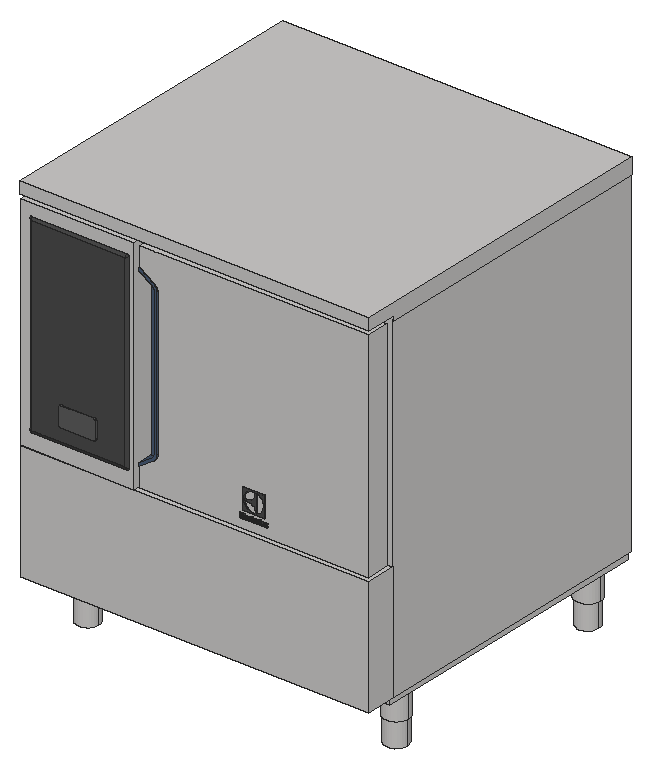
Revit family "QF_ELECTROLUXPROFESSIONAL_727728_EBFA61TA", category Specialty Equipment, Revit 2018
Family settings
  Round Connector Dimension = Use Diameter
  Part Type = Normal
  Work Plane-Based = No
  Always vertical = Yes
  Cut with Voids When Loaded = No
  Shared = No
  Room Calculation Point = No
Parameters
  Weight = 0.00 kg
  Watts = 0 W
  Volts = 380 V
  URL Manufacturer = "http://professional.electrolux.com"
  URL = "http://professional.electrolux.com"
  Steam Supply Size = 0 mm
  Steam Supply Minimum Pressure = 0.0 Pa
  Steam Supply Maximum Pressure = 0.0 Pa
  Steam Pounds per Hour = 0
  Show Logo [instance] = yes
  Show Clearance [instance] = yes
  Refrigeration Suction Line Size = 0 mm
  Refrigeration Liquid Line Size = 0 mm
  Refrigerant Compressor Remote = yes
  Manufacturer = "Electrolux"
  Phase = 3
  Model = "EBFA61TA"
  Length Actual = 897 mm  # constant formula
  Item Number = "727728"
  Hot Water Size = 0 mm
  Height Actual = 1060 mm  # constant formula
  HP = "3.6 HP"
  Gas Size = 0 mm
  Gas KW = 0
  Gas Input Pressure = 0 W
  Direct Waste Size = 139.7 mm
  Description = "BLAST CH/FRE 30KG 6GN1/1 LW-TOP 60HZ-USB"
  Depth Actual = 937 mm  # constant formula
  Cycle = 60 Hz
  Condensate Return Size = 0 mm
  Compressed Air Volume = 0.0 L/s
  Compressed Air Size = 0 mm
  Compressed Air Pressure = 0.0 Pa
  Cold Water Size = 0 mm
  Accessory = yes
Reference planes
  plane 1 "Center X": y = 126.851
  plane 2: z = 0
  plane 3 "Center Y": x = -311.5
  plane 4 "LEFT": x = -760
  plane 5 "BACK": y = 548.851
  plane 6 "RIGHT": x = 137
  plane 7 "FRONT": y = -295.149
  plane 8: z = 130
  plane 9 "TOP": z = 1060.038
  plane 10: x = -708
  plane 11: y = 473.851
  plane 12: x = 85
  plane 13: y = -142.149
  plane 14: z = 1020.038
  plane 15: y = 641.851
  plane 16: y = -847.149
Forms (mm)
  Extrusion 1, solid, material "QF_Finishes_Stainless Steel"
    sketch origin (0, 0, 1060.038) x (-1, 0, 0) y (0, -1, 0)
      loop
        line (759, -548.851) -> (759, 216.149) -> (-136, 216.149) -> (-136, -548.851) -> (759, -548.851)
    from -40 to -910.018
  Extrusion 2, solid, material "QF_Finishes_Stainless Steel"
    sketch origin (0, -295.149, 0) x (-1, 0, 0) y (0, 0, 1)
      loop
        line (451.2, 1020.033) -> (-135.995, 1020.033) -> (-135.995, 462.497) -> (451.2, 462.497) -> (451.2, 513.683) -> (415.41, 537.406)
        arc (415.41, 537.406) -> (408.839, 544.616) -> (406.46, 554.076) r 20
        line (406.46, 554.076) -> (406.46, 928.989)
        arc (406.46, 928.989) -> (408.716, 937.969) -> (414.947, 944.816) r 19
        line (414.947, 944.816) -> (451.2, 968.898) -> (451.2, 1020.033)
    from 0 to 60
  Extrusion 3, void
    sketch origin (-759, -216.149, 1060.038) x (-1, 0, 0) y (0, 0, 1)
      loop
        line (-370.8, -100) -> (-826.8, -100) -> (-826.8, -491.98) -> (-370.8, -491.98) -> (-370.8, -100)
    from 0 to 703
  Extrusion 4, solid, material "QF_Finishes_Stainless Steel"
    sketch origin (-760, -0.954, 0) x (0, 1, 0) y (0, 0, 1)
      loop
        line (549.805, 694.306) -> (549.805, 392.314) -> (635.5, 399.789)
        arc (635.5, 399.789) -> (640.702, 402.354) -> (642.805, 407.759) r 8
        line (642.805, 407.759) -> (642.805, 433.233)
        arc (642.805, 433.233) -> (638.783, 442.547) -> (642.805, 451.86) r 12.795
        line (642.805, 451.86) -> (642.805, 483.24)
        arc (642.805, 483.24) -> (638.783, 492.554) -> (642.805, 501.867) r 12.795
        line (642.805, 501.867) -> (642.805, 533.247)
        arc (642.805, 533.247) -> (638.783, 542.56) -> (642.805, 551.874) r 12.795
        line (642.805, 551.874) -> (642.805, 583.254)
        arc (642.805, 583.254) -> (638.783, 592.567) -> (642.805, 601.881) r 12.795
        line (642.805, 601.881) -> (642.805, 634.796)
        arc (642.805, 634.796) -> (641.466, 639.795) -> (637.808, 643.455) r 10
        line (637.808, 643.455) -> (549.805, 694.306)
    from 123.244 to 306.92
  Extrusion 5, solid, material "QF_Finishes_Stainless Steel"
    sketch origin (-817.599, 548.851, 1060.038) x (1, 0, 0) y (0, 0, -1)
      loop
        circle (121.599, 802.038) r 10.5
    from 0 to 29
  Extrusion 6, solid, material "QF_Finishes_Stainless Steel"
    sketch origin (0, -235.149, 0) x (-1, 0, 0) y (0, 0, 1)
      loop
        arc (406.46, 554.076) -> (408.839, 544.616) -> (415.41, 537.406) r 20
        line (415.41, 537.406) -> (451.2, 513.683) -> (451.2, 968.898) -> (414.947, 944.816)
        arc (414.947, 944.816) -> (408.716, 937.969) -> (406.46, 928.989) r 19
        line (406.46, 928.989) -> (406.46, 554.076)
    from -21 to 0
  Extrusion 7, solid, material "QF_Finishes_Electrolux_Blue"
    sketch origin (0, -295.149, 0) x (1, 0, 0) y (0, 0, 1)
      loop
        line (-451.2, 968.898) -> (-453.7, 968.898) -> (-453.7, 962.755) -> (-418.543, 939.401)
        arc (-418.543, 939.401) -> (-414.444, 934.897) -> (-412.96, 928.989) r 12.5
        line (-412.96, 928.989) -> (-412.96, 554.076)
        arc (-412.96, 554.076) -> (-414.566, 547.691) -> (-419.001, 542.824) r 13.5
        line (-419.001, 542.824) -> (-453.7, 519.824) -> (-453.7, 513.683) -> (-451.2, 513.683) -> (-415.41, 537.406)
        arc (-415.41, 537.406) -> (-408.839, 544.616) -> (-406.46, 554.076) r 20
        line (-406.46, 554.076) -> (-406.46, 928.989)
        arc (-406.46, 928.989) -> (-408.716, 937.969) -> (-414.947, 944.816) r 19
        line (-414.947, 944.816) -> (-451.2, 968.898)
    from -39 to 1
  Extrusion 8, solid, material "QF_Finishes_Stainless Steel"
    sketch origin (0, 0, 1060.038) x (-1, 0, 0) y (0, -1, 0)
      loop
        line (759, 295.149) -> (467.2, 295.149) -> (467.2, 217.149) -> (759, 217.149) -> (759, 295.149)
    from -40 to -607
  Extrusion 9, solid, material "QF_Finishes_Stainless Steel"
    sketch origin (-1206.916, -1524, 130) x (-1, 0, 0) y (0, -1, 0)
      loop
        line (-447.916, -1228.851) -> (-1342.916, -1228.851) -> (-1342.916, -1306.851) -> (-447.916, -1306.851) -> (-447.916, -1228.851)
    from 322 to 20.02
  Extrusion 10, solid, material "QF_Finishes_Stainless Steel"
    sketch origin (-311.5, 0, 0) x (0, 1, 0) y (0, 0, 1)
      loop
        line (548.851, 1060.038) -> (-295.149, 1060.038) -> (-295.149, 1030.034) -> (-216.149, 1030.034) -> (-216.149, 1020.038) -> (548.851, 1020.038) -> (548.851, 1060.038)
    from -448.5 to 448.5
  Extrusion 11, solid, material "QF_Finishes_Stainless Steel"
    sketch origin (0, 0, 1060.038) x (-1, 0, 0) y (0, -1, 0)
      loop
        line (748.993, -548.851) -> (748.993, 214.216) -> (-125.993, 214.216) -> (-125.993, -548.851) -> (748.993, -548.851)
    from -910.018 to -930.038
  Extrusion 12, solid, material "QF_Finishes_Stainless Steel"
    sketch origin (0, 0, 130) x (0, -1, 0) y (-1, 0, 0)
      loop
        circle (-215.851, 360) r 9.5
    from 0 to 31.68
  Extrusion 13, void
    sketch origin (0, 0, 1060.038) x (-1, 0, 0) y (0, -1, 0)
      loop
        line (627.033, -641.851) -> (636.756, -641.851) -> (636.756, -548.851) -> (635.125, -548.851) -> (627.033, -641.851)
      loop
        line (454.711, -548.851) -> (453.08, -548.851) -> (453.08, -641.851) -> (462.803, -641.851) -> (454.711, -548.851)
    from -673 to -363
  Extrusion 14, solid, material "QF_Door-Drawer Clearances", visible <- "Show Clearance", detail levels coarse
    sketch origin (143, -393.449, 0) x (0, -1, 0) y (0, 0, 1)
      loop
        line (451.2, 1020.033) -> (-98.3, 1020.033) -> (-98.3, 462.497) -> (451.2, 462.497) -> (451.2, 513.683) -> (415.41, 537.406)
        arc (415.41, 537.406) -> (408.839, 544.616) -> (406.46, 554.076) r 20
        line (406.46, 554.076) -> (406.46, 928.989)
        arc (406.46, 928.989) -> (408.716, 937.969) -> (414.947, 944.816) r 19
        line (414.947, 944.816) -> (451.2, 968.898) -> (451.2, 1020.033)
    from 0 to 60
  Extrusion 15, solid, material "QF_Door-Drawer Clearances", visible <- "Show Clearance", detail levels coarse
    sketch origin (83, -393.449, 0) x (0, -1, 0) y (0, 0, 1)
      loop
        arc (406.46, 554.076) -> (408.839, 544.616) -> (415.41, 537.406) r 20
        line (415.41, 537.406) -> (451.2, 513.683) -> (451.2, 968.898) -> (414.947, 944.816)
        arc (414.947, 944.816) -> (408.716, 937.969) -> (406.46, 928.989) r 19
        line (406.46, 928.989) -> (406.46, 554.076)
    from -21 to 0
  Extrusion 16, solid, material "QF_Door-Drawer Clearances", visible <- "Show Clearance", detail levels coarse
    sketch origin (143, -393.449, 0) x (0, 1, 0) y (0, 0, 1)
      loop
        line (-451.2, 968.898) -> (-453.7, 968.898) -> (-453.7, 962.755) -> (-418.543, 939.401)
        arc (-418.543, 939.401) -> (-414.444, 934.897) -> (-412.96, 928.989) r 12.5
        line (-412.96, 928.989) -> (-412.96, 554.076)
        arc (-412.96, 554.076) -> (-414.566, 547.691) -> (-419.001, 542.824) r 13.5
        line (-419.001, 542.824) -> (-453.7, 519.824) -> (-453.7, 513.683) -> (-451.2, 513.683) -> (-415.41, 537.406)
        arc (-415.41, 537.406) -> (-408.839, 544.616) -> (-406.46, 554.076) r 20
        line (-406.46, 554.076) -> (-406.46, 928.989)
        arc (-406.46, 928.989) -> (-408.716, 937.969) -> (-414.947, 944.816) r 19
        line (-414.947, 944.816) -> (-451.2, 968.898)
    from -39 to 1
  Extrusion 17, solid, material "QF_Door-Drawer Clearances", visible <- "Show Clearance", detail levels coarse
    sketch origin (0, 0, 1060.038) x (-1, 0, 0) y (0, -1, 0)
      loop
        line (-83, 295.149) -> (451.2, 295.149)
        arc (451.2, 295.149) -> (290.883, 673.709) -> (-83, 844.649) r 567.425
        line (-83, 844.649) -> (-83, 295.149)
    from -597.541 to -40
Cuts and joins
  Extrusion 3 cuts Extrusion 1
  Extrusion 13 cuts Extrusion 4
  joined: Extrusion 1, Extrusion 4, Extrusion 5, Extrusion 10, Extrusion 11, Extrusion 12
  joined: Extrusion 2, Extrusion 6
  joined: Extrusion 14, Extrusion 15, Extrusion 16, Extrusion 17
Lines and regions (mm)
  Split face 1
    outline origin (-489, -295.149, 130) x (-1, 0, 0) y (0, 0, -1)
      loop
        line (-132.388, -290.639) -> (-22.373, -290.639) -> (-22.373, -285.612) -> (-132.388, -285.612) -> (-132.388, -290.639)
  Split face 2
    outline origin (-489, -295.149, 120.528) x (-1, 0, 0) y (0, 0, -1)
      loop
        line (-132.388, -290.639) -> (-22.373, -290.639) -> (-22.373, -285.612) -> (-132.388, -285.612) -> (-132.388, -290.639)
  Split face 3
    outline origin (-489, -295.149, 111.056) x (-1, 0, 0) y (0, 0, -1)
      loop
        line (-132.388, -290.639) -> (-22.373, -290.639) -> (-22.373, -285.612) -> (-132.388, -285.612) -> (-132.388, -290.639)
  Split face 4
    outline origin (-489, -295.149, 101.583) x (-1, 0, 0) y (0, 0, -1)
      loop
        line (-132.388, -290.639) -> (-22.373, -290.639) -> (-22.373, -285.612) -> (-132.388, -285.612) -> (-132.388, -290.639)
  Split face 5
    outline origin (-489, -295.149, 92.111) x (-1, 0, 0) y (0, 0, -1)
      loop
        line (-132.388, -290.639) -> (-22.373, -290.639) -> (-22.373, -285.612) -> (-132.388, -285.612) -> (-132.388, -290.639)
  Split face 6
    outline origin (-489, -295.149, 82.639) x (-1, 0, 0) y (0, 0, -1)
      loop
        line (-132.388, -290.639) -> (-22.373, -290.639) -> (-22.373, -285.612) -> (-132.388, -285.612) -> (-132.388, -290.639)
  Split face 7
    outline origin (-489, -295.149, 73.167) x (-1, 0, 0) y (0, 0, -1)
      loop
        line (-132.388, -290.639) -> (-22.373, -290.639) -> (-22.373, -285.612) -> (-132.388, -285.612) -> (-132.388, -290.639)
  Split face 8
    outline origin (-489, -295.149, 63.695) x (-1, 0, 0) y (0, 0, -1)
      loop
        line (-132.388, -290.639) -> (-22.373, -290.639) -> (-22.373, -285.612) -> (-132.388, -285.612) -> (-132.388, -290.639)
  Split face 9
    outline origin (-489, -295.149, 54.223) x (-1, 0, 0) y (0, 0, -1)
      loop
        line (-132.388, -290.639) -> (-22.373, -290.639) -> (-22.373, -285.612) -> (-132.388, -285.612) -> (-132.388, -290.639)
  Split face 10
    outline origin (-489, -295.149, 44.75) x (-1, 0, 0) y (0, 0, -1)
      loop
        line (-132.388, -290.639) -> (-22.373, -290.639) -> (-22.373, -285.612) -> (-132.388, -285.612) -> (-132.388, -290.639)
  Split face 11
    outline origin (-489, -295.149, 35.278) x (-1, 0, 0) y (0, 0, -1)
      loop
        line (-132.388, -290.639) -> (-22.373, -290.639) -> (-22.373, -285.612) -> (-132.388, -285.612) -> (-132.388, -290.639)
  Split face 12
    outline origin (-489, -295.149, 25.806) x (-1, 0, 0) y (0, 0, -1)
      loop
        line (-132.388, -290.639) -> (-22.373, -290.639) -> (-22.373, -285.612) -> (-132.388, -285.612) -> (-132.388, -290.639)
  Split face 13
    outline origin (-489, -295.149, 16.334) x (-1, 0, 0) y (0, 0, -1)
      loop
        line (-132.388, -290.639) -> (-22.373, -290.639) -> (-22.373, -285.612) -> (-132.388, -285.612) -> (-132.388, -290.639)
  Split face 14
    outline origin (-489, -295.149, 6.862) x (-1, 0, 0) y (0, 0, -1)
      loop
        line (-132.388, -290.639) -> (-22.373, -290.639) -> (-22.373, -285.612) -> (-132.388, -285.612) -> (-132.388, -290.639)
  Split face 15
    outline origin (-489, -295.149, -2.611) x (-1, 0, 0) y (0, 0, -1)
      loop
        line (-132.388, -290.639) -> (-22.373, -290.639) -> (-22.373, -285.612) -> (-132.388, -285.612) -> (-132.388, -290.639)
  Split face 16
    outline origin (-489, -295.149, -12.083) x (-1, 0, 0) y (0, 0, -1)
      loop
        line (-132.388, -290.639) -> (-22.373, -290.639) -> (-22.373, -285.612) -> (-132.388, -285.612) -> (-132.388, -290.639)
  Split face 17
    outline origin (-489, -295.149, -21.555) x (-1, 0, 0) y (0, 0, -1)
      loop
        line (-132.388, -290.639) -> (-22.373, -290.639) -> (-22.373, -285.612) -> (-132.388, -285.612) -> (-132.388, -290.639)
  Split face 18
    outline origin (-489, -295.149, -31.027) x (-1, 0, 0) y (0, 0, -1)
      loop
        line (-132.388, -290.639) -> (-22.373, -290.639) -> (-22.373, -285.612) -> (-132.388, -285.612) -> (-132.388, -290.639)
  Split face 19
    outline origin (-489, -295.149, -40.499) x (-1, 0, 0) y (0, 0, -1)
      loop
        line (-132.388, -290.639) -> (-22.373, -290.639) -> (-22.373, -285.612) -> (-132.388, -285.612) -> (-132.388, -290.639)
  Split face 20
    outline origin (-489, -295.149, -49.972) x (-1, 0, 0) y (0, 0, -1)
      loop
        line (-132.388, -290.639) -> (-22.373, -290.639) -> (-22.373, -285.612) -> (-132.388, -285.612) -> (-132.388, -290.639)
  Split face 21
    outline origin (-489, -295.149, -59.444) x (-1, 0, 0) y (0, 0, -1)
      loop
        line (-132.388, -290.639) -> (-22.373, -290.639) -> (-22.373, -285.612) -> (-132.388, -285.612) -> (-132.388, -290.639)
  Split face 22
    outline origin (-489, -295.149, -68.916) x (-1, 0, 0) y (0, 0, -1)
      loop
        line (-132.388, -290.639) -> (-22.373, -290.639) -> (-22.373, -285.612) -> (-132.388, -285.612) -> (-132.388, -290.639)
  Split face 23
    outline origin (-489, -295.149, -78.388) x (-1, 0, 0) y (0, 0, -1)
      loop
        line (-132.388, -290.639) -> (-22.373, -290.639) -> (-22.373, -285.612) -> (-132.388, -285.612) -> (-132.388, -290.639)
  Split face 24
    outline origin (-489, -295.149, -87.86) x (-1, 0, 0) y (0, 0, -1)
      loop
        line (-132.388, -290.639) -> (-22.373, -290.639) -> (-22.373, -285.612) -> (-132.388, -285.612) -> (-132.388, -290.639)
  Split face 25
    outline origin (-489, -295.149, -97.332) x (-1, 0, 0) y (0, 0, -1)
      loop
        line (-132.388, -290.639) -> (-22.373, -290.639) -> (-22.373, -285.612) -> (-132.388, -285.612) -> (-132.388, -290.639)
  Split face 26
    outline origin (-489, -295.149, -106.805) x (-1, 0, 0) y (0, 0, -1)
      loop
        line (-132.388, -290.639) -> (-22.373, -290.639) -> (-22.373, -285.612) -> (-132.388, -285.612) -> (-132.388, -290.639)
  Split face 27
    outline origin (-373.984, -295.149, 130) x (-1, 0, 0) y (0, 0, -1)
      loop
        line (-132.388, -290.639) -> (-22.373, -290.639) -> (-22.373, -285.612) -> (-132.388, -285.612) -> (-132.388, -290.639)
  Split face 28
    outline origin (-373.984, -295.149, 120.528) x (-1, 0, 0) y (0, 0, -1)
      loop
        line (-132.388, -290.639) -> (-22.373, -290.639) -> (-22.373, -285.612) -> (-132.388, -285.612) -> (-132.388, -290.639)
  Split face 29
    outline origin (-373.984, -295.149, 111.056) x (-1, 0, 0) y (0, 0, -1)
      loop
        line (-132.388, -290.639) -> (-22.373, -290.639) -> (-22.373, -285.612) -> (-132.388, -285.612) -> (-132.388, -290.639)
  Split face 30
    outline origin (-373.984, -295.149, 101.583) x (-1, 0, 0) y (0, 0, -1)
      loop
        line (-132.388, -290.639) -> (-22.373, -290.639) -> (-22.373, -285.612) -> (-132.388, -285.612) -> (-132.388, -290.639)
  Split face 31
    outline origin (-373.984, -295.149, 92.111) x (-1, 0, 0) y (0, 0, -1)
      loop
        line (-132.388, -290.639) -> (-22.373, -290.639) -> (-22.373, -285.612) -> (-132.388, -285.612) -> (-132.388, -290.639)
  Split face 32
    outline origin (-373.984, -295.149, 82.639) x (-1, 0, 0) y (0, 0, -1)
      loop
        line (-132.388, -290.639) -> (-22.373, -290.639) -> (-22.373, -285.612) -> (-132.388, -285.612) -> (-132.388, -290.639)
  Split face 33
    outline origin (-373.984, -295.149, 73.167) x (-1, 0, 0) y (0, 0, -1)
      loop
        line (-132.388, -290.639) -> (-22.373, -290.639) -> (-22.373, -285.612) -> (-132.388, -285.612) -> (-132.388, -290.639)
  Split face 34
    outline origin (-373.984, -295.149, 63.695) x (-1, 0, 0) y (0, 0, -1)
      loop
        line (-132.388, -290.639) -> (-22.373, -290.639) -> (-22.373, -285.612) -> (-132.388, -285.612) -> (-132.388, -290.639)
  Split face 35
    outline origin (-373.984, -295.149, 54.223) x (-1, 0, 0) y (0, 0, -1)
      loop
        line (-132.388, -290.639) -> (-22.373, -290.639) -> (-22.373, -285.612) -> (-132.388, -285.612) -> (-132.388, -290.639)
  Split face 36
    outline origin (-373.984, -295.149, 44.75) x (-1, 0, 0) y (0, 0, -1)
      loop
        line (-132.388, -290.639) -> (-22.373, -290.639) -> (-22.373, -285.612) -> (-132.388, -285.612) -> (-132.388, -290.639)
  Split face 37
    outline origin (-373.984, -295.149, 35.278) x (-1, 0, 0) y (0, 0, -1)
      loop
        line (-132.388, -290.639) -> (-22.373, -290.639) -> (-22.373, -285.612) -> (-132.388, -285.612) -> (-132.388, -290.639)
  Split face 38
    outline origin (-373.984, -295.149, 25.806) x (-1, 0, 0) y (0, 0, -1)
      loop
        line (-132.388, -290.639) -> (-22.373, -290.639) -> (-22.373, -285.612) -> (-132.388, -285.612) -> (-132.388, -290.639)
  Split face 39
    outline origin (-373.984, -295.149, 16.334) x (-1, 0, 0) y (0, 0, -1)
      loop
        line (-132.388, -290.639) -> (-22.373, -290.639) -> (-22.373, -285.612) -> (-132.388, -285.612) -> (-132.388, -290.639)
  Split face 40
    outline origin (-373.984, -295.149, 6.862) x (-1, 0, 0) y (0, 0, -1)
      loop
        line (-132.388, -290.639) -> (-22.373, -290.639) -> (-22.373, -285.612) -> (-132.388, -285.612) -> (-132.388, -290.639)
  Split face 41
    outline origin (-373.984, -295.149, -2.611) x (-1, 0, 0) y (0, 0, -1)
      loop
        line (-132.388, -290.639) -> (-22.373, -290.639) -> (-22.373, -285.612) -> (-132.388, -285.612) -> (-132.388, -290.639)
  Split face 42
    outline origin (-373.984, -295.149, -12.083) x (-1, 0, 0) y (0, 0, -1)
      loop
        line (-132.388, -290.639) -> (-22.373, -290.639) -> (-22.373, -285.612) -> (-132.388, -285.612) -> (-132.388, -290.639)
  Split face 43
    outline origin (-373.984, -295.149, -21.555) x (-1, 0, 0) y (0, 0, -1)
      loop
        line (-132.388, -290.639) -> (-22.373, -290.639) -> (-22.373, -285.612) -> (-132.388, -285.612) -> (-132.388, -290.639)
  Split face 44
    outline origin (-373.984, -295.149, -31.027) x (-1, 0, 0) y (0, 0, -1)
      loop
        line (-132.388, -290.639) -> (-22.373, -290.639) -> (-22.373, -285.612) -> (-132.388, -285.612) -> (-132.388, -290.639)
  Split face 45
    outline origin (-373.984, -295.149, -40.499) x (-1, 0, 0) y (0, 0, -1)
      loop
        line (-132.388, -290.639) -> (-22.373, -290.639) -> (-22.373, -285.612) -> (-132.388, -285.612) -> (-132.388, -290.639)
  Split face 46
    outline origin (-373.984, -295.149, -49.972) x (-1, 0, 0) y (0, 0, -1)
      loop
        line (-132.388, -290.639) -> (-22.373, -290.639) -> (-22.373, -285.612) -> (-132.388, -285.612) -> (-132.388, -290.639)
  Split face 47
    outline origin (-373.984, -295.149, -59.444) x (-1, 0, 0) y (0, 0, -1)
      loop
        line (-132.388, -290.639) -> (-22.373, -290.639) -> (-22.373, -285.612) -> (-132.388, -285.612) -> (-132.388, -290.639)
  Split face 48
    outline origin (-373.984, -295.149, -68.916) x (-1, 0, 0) y (0, 0, -1)
      loop
        line (-132.388, -290.639) -> (-22.373, -290.639) -> (-22.373, -285.612) -> (-132.388, -285.612) -> (-132.388, -290.639)
  Split face 49
    outline origin (-373.984, -295.149, -78.388) x (-1, 0, 0) y (0, 0, -1)
      loop
        line (-132.388, -290.639) -> (-22.373, -290.639) -> (-22.373, -285.612) -> (-132.388, -285.612) -> (-132.388, -290.639)
  Split face 50
    outline origin (-373.984, -295.149, -87.86) x (-1, 0, 0) y (0, 0, -1)
      loop
        line (-132.388, -290.639) -> (-22.373, -290.639) -> (-22.373, -285.612) -> (-132.388, -285.612) -> (-132.388, -290.639)
  Split face 51
    outline origin (-373.984, -295.149, -97.332) x (-1, 0, 0) y (0, 0, -1)
      loop
        line (-132.388, -290.639) -> (-22.373, -290.639) -> (-22.373, -285.612) -> (-132.388, -285.612) -> (-132.388, -290.639)
  Split face 52
    outline origin (-373.984, -295.149, -106.805) x (-1, 0, 0) y (0, 0, -1)
      loop
        line (-132.388, -290.639) -> (-22.373, -290.639) -> (-22.373, -285.612) -> (-132.388, -285.612) -> (-132.388, -290.639)
  Split face 53
    outline origin (-258.969, -295.149, 130) x (-1, 0, 0) y (0, 0, -1)
      loop
        line (-132.388, -290.639) -> (-22.373, -290.639) -> (-22.373, -285.612) -> (-132.388, -285.612) -> (-132.388, -290.639)
  Split face 54
    outline origin (-258.969, -295.149, 120.528) x (-1, 0, 0) y (0, 0, -1)
      loop
        line (-132.388, -290.639) -> (-22.373, -290.639) -> (-22.373, -285.612) -> (-132.388, -285.612) -> (-132.388, -290.639)
  Split face 55
    outline origin (-258.969, -295.149, 111.056) x (-1, 0, 0) y (0, 0, -1)
      loop
        line (-132.388, -290.639) -> (-22.373, -290.639) -> (-22.373, -285.612) -> (-132.388, -285.612) -> (-132.388, -290.639)
  Split face 56
    outline origin (-258.969, -295.149, 101.583) x (-1, 0, 0) y (0, 0, -1)
      loop
        line (-132.388, -290.639) -> (-22.373, -290.639) -> (-22.373, -285.612) -> (-132.388, -285.612) -> (-132.388, -290.639)
  Split face 57
    outline origin (-258.969, -295.149, 92.111) x (-1, 0, 0) y (0, 0, -1)
      loop
        line (-132.388, -290.639) -> (-22.373, -290.639) -> (-22.373, -285.612) -> (-132.388, -285.612) -> (-132.388, -290.639)
  Split face 58
    outline origin (-258.969, -295.149, 82.639) x (-1, 0, 0) y (0, 0, -1)
      loop
        line (-132.388, -290.639) -> (-22.373, -290.639) -> (-22.373, -285.612) -> (-132.388, -285.612) -> (-132.388, -290.639)
  Split face 59
    outline origin (-258.969, -295.149, 73.167) x (-1, 0, 0) y (0, 0, -1)
      loop
        line (-132.388, -290.639) -> (-22.373, -290.639) -> (-22.373, -285.612) -> (-132.388, -285.612) -> (-132.388, -290.639)
  Split face 60
    outline origin (-258.969, -295.149, 63.695) x (-1, 0, 0) y (0, 0, -1)
      loop
        line (-132.388, -290.639) -> (-22.373, -290.639) -> (-22.373, -285.612) -> (-132.388, -285.612) -> (-132.388, -290.639)
  Split face 61
    outline origin (-258.969, -295.149, 54.223) x (-1, 0, 0) y (0, 0, -1)
      loop
        line (-132.388, -290.639) -> (-22.373, -290.639) -> (-22.373, -285.612) -> (-132.388, -285.612) -> (-132.388, -290.639)
  Split face 62
    outline origin (-258.969, -295.149, 44.75) x (-1, 0, 0) y (0, 0, -1)
      loop
        line (-132.388, -290.639) -> (-22.373, -290.639) -> (-22.373, -285.612) -> (-132.388, -285.612) -> (-132.388, -290.639)
  Split face 63
    outline origin (-258.969, -295.149, 35.278) x (-1, 0, 0) y (0, 0, -1)
      loop
        line (-132.388, -290.639) -> (-22.373, -290.639) -> (-22.373, -285.612) -> (-132.388, -285.612) -> (-132.388, -290.639)
  Split face 64
    outline origin (-258.969, -295.149, 25.806) x (-1, 0, 0) y (0, 0, -1)
      loop
        line (-132.388, -290.639) -> (-22.373, -290.639) -> (-22.373, -285.612) -> (-132.388, -285.612) -> (-132.388, -290.639)
  Split face 65
    outline origin (-258.969, -295.149, 16.334) x (-1, 0, 0) y (0, 0, -1)
      loop
        line (-132.388, -290.639) -> (-22.373, -290.639) -> (-22.373, -285.612) -> (-132.388, -285.612) -> (-132.388, -290.639)
  Split face 66
    outline origin (-258.969, -295.149, 6.862) x (-1, 0, 0) y (0, 0, -1)
      loop
        line (-132.388, -290.639) -> (-22.373, -290.639) -> (-22.373, -285.612) -> (-132.388, -285.612) -> (-132.388, -290.639)
  Split face 67
    outline origin (-258.969, -295.149, -2.611) x (-1, 0, 0) y (0, 0, -1)
      loop
        line (-132.388, -290.639) -> (-22.373, -290.639) -> (-22.373, -285.612) -> (-132.388, -285.612) -> (-132.388, -290.639)
  Split face 68
    outline origin (-258.969, -295.149, -12.083) x (-1, 0, 0) y (0, 0, -1)
      loop
        line (-132.388, -290.639) -> (-22.373, -290.639) -> (-22.373, -285.612) -> (-132.388, -285.612) -> (-132.388, -290.639)
  Split face 69
    outline origin (-258.969, -295.149, -21.555) x (-1, 0, 0) y (0, 0, -1)
      loop
        line (-132.388, -290.639) -> (-22.373, -290.639) -> (-22.373, -285.612) -> (-132.388, -285.612) -> (-132.388, -290.639)
  Split face 70
    outline origin (-258.969, -295.149, -31.027) x (-1, 0, 0) y (0, 0, -1)
      loop
        line (-132.388, -290.639) -> (-22.373, -290.639) -> (-22.373, -285.612) -> (-132.388, -285.612) -> (-132.388, -290.639)
  Split face 71
    outline origin (-258.969, -295.149, -40.499) x (-1, 0, 0) y (0, 0, -1)
      loop
        line (-132.388, -290.639) -> (-22.373, -290.639) -> (-22.373, -285.612) -> (-132.388, -285.612) -> (-132.388, -290.639)
  Split face 72
    outline origin (-258.969, -295.149, -49.972) x (-1, 0, 0) y (0, 0, -1)
      loop
        line (-132.388, -290.639) -> (-22.373, -290.639) -> (-22.373, -285.612) -> (-132.388, -285.612) -> (-132.388, -290.639)
  Split face 73
    outline origin (-258.969, -295.149, -59.444) x (-1, 0, 0) y (0, 0, -1)
      loop
        line (-132.388, -290.639) -> (-22.373, -290.639) -> (-22.373, -285.612) -> (-132.388, -285.612) -> (-132.388, -290.639)
  Split face 74
    outline origin (-258.969, -295.149, -68.916) x (-1, 0, 0) y (0, 0, -1)
      loop
        line (-132.388, -290.639) -> (-22.373, -290.639) -> (-22.373, -285.612) -> (-132.388, -285.612) -> (-132.388, -290.639)
  Split face 75
    outline origin (-258.969, -295.149, -78.388) x (-1, 0, 0) y (0, 0, -1)
      loop
        line (-132.388, -290.639) -> (-22.373, -290.639) -> (-22.373, -285.612) -> (-132.388, -285.612) -> (-132.388, -290.639)
  Split face 76
    outline origin (-258.969, -295.149, -87.86) x (-1, 0, 0) y (0, 0, -1)
      loop
        line (-132.388, -290.639) -> (-22.373, -290.639) -> (-22.373, -285.612) -> (-132.388, -285.612) -> (-132.388, -290.639)
  Split face 77
    outline origin (-258.969, -295.149, -97.332) x (-1, 0, 0) y (0, 0, -1)
      loop
        line (-132.388, -290.639) -> (-22.373, -290.639) -> (-22.373, -285.612) -> (-132.388, -285.612) -> (-132.388, -290.639)
  Split face 78
    outline origin (-258.969, -295.149, -106.805) x (-1, 0, 0) y (0, 0, -1)
      loop
        line (-132.388, -290.639) -> (-22.373, -290.639) -> (-22.373, -285.612) -> (-132.388, -285.612) -> (-132.388, -290.639)
  Split face 79
    outline origin (-143.953, -295.149, 130) x (-1, 0, 0) y (0, 0, -1)
      loop
        line (-132.388, -290.639) -> (-22.373, -290.639) -> (-22.373, -285.612) -> (-132.388, -285.612) -> (-132.388, -290.639)
  Split face 80
    outline origin (-143.953, -295.149, 120.528) x (-1, 0, 0) y (0, 0, -1)
      loop
        line (-132.388, -290.639) -> (-22.373, -290.639) -> (-22.373, -285.612) -> (-132.388, -285.612) -> (-132.388, -290.639)
  Split face 81
    outline origin (-143.953, -295.149, 111.056) x (-1, 0, 0) y (0, 0, -1)
      loop
        line (-132.388, -290.639) -> (-22.373, -290.639) -> (-22.373, -285.612) -> (-132.388, -285.612) -> (-132.388, -290.639)
  Split face 82
    outline origin (-143.953, -295.149, 101.583) x (-1, 0, 0) y (0, 0, -1)
      loop
        line (-132.388, -290.639) -> (-22.373, -290.639) -> (-22.373, -285.612) -> (-132.388, -285.612) -> (-132.388, -290.639)
  Split face 83
    outline origin (-143.953, -295.149, 92.111) x (-1, 0, 0) y (0, 0, -1)
      loop
        line (-132.388, -290.639) -> (-22.373, -290.639) -> (-22.373, -285.612) -> (-132.388, -285.612) -> (-132.388, -290.639)
  Split face 84
    outline origin (-143.953, -295.149, 82.639) x (-1, 0, 0) y (0, 0, -1)
      loop
        line (-132.388, -290.639) -> (-22.373, -290.639) -> (-22.373, -285.612) -> (-132.388, -285.612) -> (-132.388, -290.639)
  Split face 85
    outline origin (-143.953, -295.149, 73.167) x (-1, 0, 0) y (0, 0, -1)
      loop
        line (-132.388, -290.639) -> (-22.373, -290.639) -> (-22.373, -285.612) -> (-132.388, -285.612) -> (-132.388, -290.639)
  Split face 86
    outline origin (-143.953, -295.149, 63.695) x (-1, 0, 0) y (0, 0, -1)
      loop
        line (-132.388, -290.639) -> (-22.373, -290.639) -> (-22.373, -285.612) -> (-132.388, -285.612) -> (-132.388, -290.639)
  Split face 87
    outline origin (-143.953, -295.149, 54.223) x (-1, 0, 0) y (0, 0, -1)
      loop
        line (-132.388, -290.639) -> (-22.373, -290.639) -> (-22.373, -285.612) -> (-132.388, -285.612) -> (-132.388, -290.639)
  Split face 88
    outline origin (-143.953, -295.149, 44.75) x (-1, 0, 0) y (0, 0, -1)
      loop
        line (-132.388, -290.639) -> (-22.373, -290.639) -> (-22.373, -285.612) -> (-132.388, -285.612) -> (-132.388, -290.639)
  Split face 89
    outline origin (-143.953, -295.149, 35.278) x (-1, 0, 0) y (0, 0, -1)
      loop
        line (-132.388, -290.639) -> (-22.373, -290.639) -> (-22.373, -285.612) -> (-132.388, -285.612) -> (-132.388, -290.639)
  Split face 90
    outline origin (-143.953, -295.149, 25.806) x (-1, 0, 0) y (0, 0, -1)
      loop
        line (-132.388, -290.639) -> (-22.373, -290.639) -> (-22.373, -285.612) -> (-132.388, -285.612) -> (-132.388, -290.639)
  Split face 91
    outline origin (-143.953, -295.149, 16.334) x (-1, 0, 0) y (0, 0, -1)
      loop
        line (-132.388, -290.639) -> (-22.373, -290.639) -> (-22.373, -285.612) -> (-132.388, -285.612) -> (-132.388, -290.639)
  Split face 92
    outline origin (-143.953, -295.149, 6.862) x (-1, 0, 0) y (0, 0, -1)
      loop
        line (-132.388, -290.639) -> (-22.373, -290.639) -> (-22.373, -285.612) -> (-132.388, -285.612) -> (-132.388, -290.639)
  Split face 93
    outline origin (-143.953, -295.149, -2.611) x (-1, 0, 0) y (0, 0, -1)
      loop
        line (-132.388, -290.639) -> (-22.373, -290.639) -> (-22.373, -285.612) -> (-132.388, -285.612) -> (-132.388, -290.639)
  Split face 94
    outline origin (-143.953, -295.149, -12.083) x (-1, 0, 0) y (0, 0, -1)
      loop
        line (-132.388, -290.639) -> (-22.373, -290.639) -> (-22.373, -285.612) -> (-132.388, -285.612) -> (-132.388, -290.639)
  Split face 95
    outline origin (-143.953, -295.149, -21.555) x (-1, 0, 0) y (0, 0, -1)
      loop
        line (-132.388, -290.639) -> (-22.373, -290.639) -> (-22.373, -285.612) -> (-132.388, -285.612) -> (-132.388, -290.639)
  Split face 96
    outline origin (-143.953, -295.149, -31.027) x (-1, 0, 0) y (0, 0, -1)
      loop
        line (-132.388, -290.639) -> (-22.373, -290.639) -> (-22.373, -285.612) -> (-132.388, -285.612) -> (-132.388, -290.639)
  Split face 97
    outline origin (-143.953, -295.149, -40.499) x (-1, 0, 0) y (0, 0, -1)
      loop
        line (-132.388, -290.639) -> (-22.373, -290.639) -> (-22.373, -285.612) -> (-132.388, -285.612) -> (-132.388, -290.639)
  Split face 98
    outline origin (-143.953, -295.149, -49.972) x (-1, 0, 0) y (0, 0, -1)
      loop
        line (-132.388, -290.639) -> (-22.373, -290.639) -> (-22.373, -285.612) -> (-132.388, -285.612) -> (-132.388, -290.639)
  Split face 99
    outline origin (-143.953, -295.149, -59.444) x (-1, 0, 0) y (0, 0, -1)
      loop
        line (-132.388, -290.639) -> (-22.373, -290.639) -> (-22.373, -285.612) -> (-132.388, -285.612) -> (-132.388, -290.639)
  Split face 100
    outline origin (-143.953, -295.149, -68.916) x (-1, 0, 0) y (0, 0, -1)
      loop
        line (-132.388, -290.639) -> (-22.373, -290.639) -> (-22.373, -285.612) -> (-132.388, -285.612) -> (-132.388, -290.639)
  Split face 101
    outline origin (-143.953, -295.149, -78.388) x (-1, 0, 0) y (0, 0, -1)
      loop
        line (-132.388, -290.639) -> (-22.373, -290.639) -> (-22.373, -285.612) -> (-132.388, -285.612) -> (-132.388, -290.639)
  Split face 102
    outline origin (-143.953, -295.149, -87.86) x (-1, 0, 0) y (0, 0, -1)
      loop
        line (-132.388, -290.639) -> (-22.373, -290.639) -> (-22.373, -285.612) -> (-132.388, -285.612) -> (-132.388, -290.639)
  Split face 103
    outline origin (-143.953, -295.149, -97.332) x (-1, 0, 0) y (0, 0, -1)
      loop
        line (-132.388, -290.639) -> (-22.373, -290.639) -> (-22.373, -285.612) -> (-132.388, -285.612) -> (-132.388, -290.639)
  Split face 104
    outline origin (-143.953, -295.149, -106.805) x (-1, 0, 0) y (0, 0, -1)
      loop
        line (-132.388, -290.639) -> (-22.373, -290.639) -> (-22.373, -285.612) -> (-132.388, -285.612) -> (-132.388, -290.639)
  Split face 105
    outline origin (-28.938, -295.149, 130) x (-1, 0, 0) y (0, 0, -1)
      loop
        line (-132.388, -290.639) -> (-22.373, -290.639) -> (-22.373, -285.612) -> (-132.388, -285.612) -> (-132.388, -290.639)
  Split face 106
    outline origin (-28.938, -295.149, 120.528) x (-1, 0, 0) y (0, 0, -1)
      loop
        line (-132.388, -290.639) -> (-22.373, -290.639) -> (-22.373, -285.612) -> (-132.388, -285.612) -> (-132.388, -290.639)
  Split face 107
    outline origin (-28.938, -295.149, 111.056) x (-1, 0, 0) y (0, 0, -1)
      loop
        line (-132.388, -290.639) -> (-22.373, -290.639) -> (-22.373, -285.612) -> (-132.388, -285.612) -> (-132.388, -290.639)
  Split face 108
    outline origin (-28.938, -295.149, 101.583) x (-1, 0, 0) y (0, 0, -1)
      loop
        line (-132.388, -290.639) -> (-22.373, -290.639) -> (-22.373, -285.612) -> (-132.388, -285.612) -> (-132.388, -290.639)
  Split face 109
    outline origin (-28.938, -295.149, 92.111) x (-1, 0, 0) y (0, 0, -1)
      loop
        line (-132.388, -290.639) -> (-22.373, -290.639) -> (-22.373, -285.612) -> (-132.388, -285.612) -> (-132.388, -290.639)
  Split face 110
    outline origin (-28.938, -295.149, 82.639) x (-1, 0, 0) y (0, 0, -1)
      loop
        line (-132.388, -290.639) -> (-22.373, -290.639) -> (-22.373, -285.612) -> (-132.388, -285.612) -> (-132.388, -290.639)
  Split face 111
    outline origin (-28.938, -295.149, 73.167) x (-1, 0, 0) y (0, 0, -1)
      loop
        line (-132.388, -290.639) -> (-22.373, -290.639) -> (-22.373, -285.612) -> (-132.388, -285.612) -> (-132.388, -290.639)
  Split face 112
    outline origin (-28.938, -295.149, 63.695) x (-1, 0, 0) y (0, 0, -1)
      loop
        line (-132.388, -290.639) -> (-22.373, -290.639) -> (-22.373, -285.612) -> (-132.388, -285.612) -> (-132.388, -290.639)
  Split face 113
    outline origin (-28.938, -295.149, 54.223) x (-1, 0, 0) y (0, 0, -1)
      loop
        line (-132.388, -290.639) -> (-22.373, -290.639) -> (-22.373, -285.612) -> (-132.388, -285.612) -> (-132.388, -290.639)
  Split face 114
    outline origin (-28.938, -295.149, 44.75) x (-1, 0, 0) y (0, 0, -1)
      loop
        line (-132.388, -290.639) -> (-22.373, -290.639) -> (-22.373, -285.612) -> (-132.388, -285.612) -> (-132.388, -290.639)
  Split face 115
    outline origin (-28.938, -295.149, 35.278) x (-1, 0, 0) y (0, 0, -1)
      loop
        line (-132.388, -290.639) -> (-22.373, -290.639) -> (-22.373, -285.612) -> (-132.388, -285.612) -> (-132.388, -290.639)
  Split face 116
    outline origin (-28.938, -295.149, 25.806) x (-1, 0, 0) y (0, 0, -1)
      loop
        line (-132.388, -290.639) -> (-22.373, -290.639) -> (-22.373, -285.612) -> (-132.388, -285.612) -> (-132.388, -290.639)
  Split face 117
    outline origin (-28.938, -295.149, 16.334) x (-1, 0, 0) y (0, 0, -1)
      loop
        line (-132.388, -290.639) -> (-22.373, -290.639) -> (-22.373, -285.612) -> (-132.388, -285.612) -> (-132.388, -290.639)
  Split face 118
    outline origin (-28.938, -295.149, 6.862) x (-1, 0, 0) y (0, 0, -1)
      loop
        line (-132.388, -290.639) -> (-22.373, -290.639) -> (-22.373, -285.612) -> (-132.388, -285.612) -> (-132.388, -290.639)
  Split face 119
    outline origin (-28.938, -295.149, -2.611) x (-1, 0, 0) y (0, 0, -1)
      loop
        line (-132.388, -290.639) -> (-22.373, -290.639) -> (-22.373, -285.612) -> (-132.388, -285.612) -> (-132.388, -290.639)
  Split face 120
    outline origin (-28.938, -295.149, -12.083) x (-1, 0, 0) y (0, 0, -1)
      loop
        line (-132.388, -290.639) -> (-22.373, -290.639) -> (-22.373, -285.612) -> (-132.388, -285.612) -> (-132.388, -290.639)
  Split face 121
    outline origin (-28.938, -295.149, -21.555) x (-1, 0, 0) y (0, 0, -1)
      loop
        line (-132.388, -290.639) -> (-22.373, -290.639) -> (-22.373, -285.612) -> (-132.388, -285.612) -> (-132.388, -290.639)
  Split face 122
    outline origin (-28.938, -295.149, -31.027) x (-1, 0, 0) y (0, 0, -1)
      loop
        line (-132.388, -290.639) -> (-22.373, -290.639) -> (-22.373, -285.612) -> (-132.388, -285.612) -> (-132.388, -290.639)
  Split face 123
    outline origin (-28.938, -295.149, -40.499) x (-1, 0, 0) y (0, 0, -1)
      loop
        line (-132.388, -290.639) -> (-22.373, -290.639) -> (-22.373, -285.612) -> (-132.388, -285.612) -> (-132.388, -290.639)
  Split face 124
    outline origin (-28.938, -295.149, -49.972) x (-1, 0, 0) y (0, 0, -1)
      loop
        line (-132.388, -290.639) -> (-22.373, -290.639) -> (-22.373, -285.612) -> (-132.388, -285.612) -> (-132.388, -290.639)
  Split face 125
    outline origin (-28.938, -295.149, -59.444) x (-1, 0, 0) y (0, 0, -1)
      loop
        line (-132.388, -290.639) -> (-22.373, -290.639) -> (-22.373, -285.612) -> (-132.388, -285.612) -> (-132.388, -290.639)
  Split face 126
    outline origin (-28.938, -295.149, -68.916) x (-1, 0, 0) y (0, 0, -1)
      loop
        line (-132.388, -290.639) -> (-22.373, -290.639) -> (-22.373, -285.612) -> (-132.388, -285.612) -> (-132.388, -290.639)
  Split face 127
    outline origin (-28.938, -295.149, -78.388) x (-1, 0, 0) y (0, 0, -1)
      loop
        line (-132.388, -290.639) -> (-22.373, -290.639) -> (-22.373, -285.612) -> (-132.388, -285.612) -> (-132.388, -290.639)
  Split face 128
    outline origin (-28.938, -295.149, -87.86) x (-1, 0, 0) y (0, 0, -1)
      loop
        line (-132.388, -290.639) -> (-22.373, -290.639) -> (-22.373, -285.612) -> (-132.388, -285.612) -> (-132.388, -290.639)
  Split face 129
    outline origin (-28.938, -295.149, -97.332) x (-1, 0, 0) y (0, 0, -1)
      loop
        line (-132.388, -290.639) -> (-22.373, -290.639) -> (-22.373, -285.612) -> (-132.388, -285.612) -> (-132.388, -290.639)
  Split face 130
    outline origin (-28.938, -295.149, -106.805) x (-1, 0, 0) y (0, 0, -1)
      loop
        line (-132.388, -290.639) -> (-22.373, -290.639) -> (-22.373, -285.612) -> (-132.388, -285.612) -> (-132.388, -290.639)
  symbolic lines
    curve 1: line (-760, 548.851, 1060.038) -> (137, 548.851, 1060.038)
    curve 2: line (-760, -295.149, 1060.038) -> (-760, 548.851, 1060.038)
    curve 3: line (137, -295.149, 1060.038) -> (-760, -295.149, 1060.038)
    curve 4: line (137, 548.851, 1060.038) -> (137, -295.149, 1060.038)
    curve 5: line (-725.5, -300.149, 1060.038) -> (-487.5, -300.149, 1060.038)
    curve 6: line (-487.5, -300.149, 1060.038) -> (-479.5, -295.149, 1060.038)
    curve 7: line (-725.5, -300.149, 1060.038) -> (-733.5, -295.149, 1060.038)
    curve 8: line (-635.125, 548.851, 1060.038) -> (-627.033, 641.851, 1060.038)
    curve 9: line (-627.033, 641.851, 1060.038) -> (-462.803, 641.851, 1060.038)
    curve 10: line (-462.803, 641.851, 1060.038) -> (-454.711, 548.851, 1060.038)
    curve 11: line (-706.5, 577.851, 1060.038) -> (-685.5, 577.851, 1060.038)
    curve 12: line (-685.5, 577.851, 1060.038) -> (-685.5, 548.851, 1060.038)
    curve 13: line (-706.5, 577.851, 1060.038) -> (-706.5, 548.851, 1060.038)
  symbolic lines, style "QF_Door-Drawer Clearances", visible <- "Show Clearance"
    curve 14: arc (-451.2, -295.149, 1060.038) -> (-290.883, -673.709, 1060.038) -> (83, -844.649, 1060.038) r 567.425
    curve 15: line (143, -844.649, 1060.038) -> (143, -295.149, 1060.038)
    curve 16: line (83, -844.649, 1060.038) -> (143, -844.649, 1060.038)
    curve 17: line (83, -844.649, 1060.038) -> (83, -295.149, 1060.038)
Dimensions and locks
  equal spacing: plane 4 "LEFT", plane 3 "Center Y", plane 6 "RIGHT"
  plane 4 "LEFT" to plane 6 "RIGHT" = 897 mm
  plane 5 "BACK" to plane 7 "FRONT" = 844 mm
  equal spacing: plane 5 "BACK", plane 1 "Center X", plane 7 "FRONT"
  cut or joined group of Extrusion 1, Extrusion 3, Extrusion 4, Extrusion 5, Extrusion 10, Extrusion 11, Extrusion 12, Extrusion 13 to Extrusion 5 sketch curve = 63 mm
  level to Extrusion 5 sketch curve = 258 mm
  plane 5 "BACK" to Extrusion 12 sketch curve = 333 mm
  plane 4 "LEFT" to Extrusion 12 sketch curve = 400 mm
  Extrusion 5 sketch curve to plane 4 "LEFT" = 64 mm
  aligned and locked: level to plane 2
  aligned and locked: plane 12 to nested 3
  aligned and locked: plane 12 to nested 2
  aligned and locked: plane 10 to nested 1
  aligned and locked: plane 10 to nested 4
  aligned and locked: Extrusion 6 to Extrusion 7
  aligned and locked: nested 4 to plane 11
  aligned and locked: nested 3 to plane 11
  aligned and locked: nested 1 to plane 13
  aligned and locked: nested 2 to plane 13
  aligned and locked: Extrusion 15 to Extrusion 16
Automatic sketch dimensions
  Extrusion 1 sketch curve to plane 5 "BACK" = 0 mm
  Extrusion 1 sketch curve to plane 6 "RIGHT" = 1 mm
  plane 4 "LEFT" to Extrusion 1 sketch curve = 1 mm
  Extrusion 1 sketch curve to plane 13 = 74 mm
  Extrusion 2 sketch curve to plane 14 = 0.005 mm
  Extrusion 2 sketch curve to plane 6 "RIGHT" = 1.005 mm
  Extrusion 2 sketch curve to plane 3 "Center Y" = 94.96 mm
  Extrusion 2 sketch curve to plane 14 = 75.222 mm
  Extrusion 2 sketch curve to Extrusion 2 sketch curve = 8.487 mm
  Extrusion 2 sketch curve to Extrusion 2 sketch curve = 8.95 mm
  Extrusion 2 sketch curve to Extrusion 2 sketch curve = 19 mm
  Extrusion 2 sketch curve to Extrusion 2 sketch curve = 20 mm
  Extrusion 2 sketch curve to Extrusion 2 sketch curve = 35.79 mm
  Extrusion 2 sketch curve to plane 14 = 51.14 mm
  Extrusion 2 sketch curve to Extrusion 2 sketch curve = 36.253 mm
  Extrusion 2 sketch curve to Extrusion 2 sketch curve = 374.913 mm
  Extrusion 2 sketch curve to Extrusion 2 sketch curve = 23.723 mm
  plane 8 to Extrusion 2 sketch curve = 332.497 mm
  Extrusion 1 to Extrusion 3 sketch curve = 68.2 mm
  Extrusion 3 sketch curve to Extrusion 1 = 370.8 mm
  Extrusion 3 sketch curve to Extrusion 1 = 418.038 mm
  Extrusion 3 sketch curve to Extrusion 1 = 60 mm
  Extrusion 4 sketch curve to plane 5 "BACK" = 0 mm
  Extrusion 4 sketch curve to plane 15 = 0 mm  (x5)
  Extrusion 4 sketch curve to Extrusion 4 sketch curve = 10 mm
  Extrusion 4 sketch curve to Extrusion 4 sketch curve = 8 mm
  Extrusion 4 sketch curve to plane 15 = 7.305 mm
  Extrusion 4 sketch curve to plane 15 = 4.997 mm
  plane 15 to Extrusion 4 sketch curve = 8.773 mm  (x4)
  plane 8 to Extrusion 4 sketch curve = 262.314 mm
  Extrusion 4 sketch curve to Extrusion 4 sketch curve = 7.476 mm
  Extrusion 4 sketch curve to Extrusion 4 sketch curve = 25.474 mm
  Extrusion 4 sketch curve to Extrusion 4 sketch curve = 9.313 mm  (x4)
  Extrusion 4 sketch curve to Extrusion 4 sketch curve = 31.38 mm  (x3)
  Extrusion 4 sketch curve to Extrusion 4 sketch curve = 32.916 mm
  Extrusion 4 sketch curve to Extrusion 4 sketch curve = 50.851 mm
  Extrusion 2 to Extrusion 6 sketch curve = 0 mm  (x6)
  Extrusion 6 sketch curve to Extrusion 2 = 0 mm  (x2)
  Extrusion 2 to Extrusion 6 sketch curve = 8.487 mm
  Extrusion 2 to Extrusion 6 sketch curve = 8.95 mm
  Extrusion 6 sketch curve to Extrusion 6 sketch curve = 11.05 mm
  Extrusion 7 sketch curve to Extrusion 7 sketch curve = 0 mm  (x2)
  Extrusion 2 to Extrusion 7 sketch curve = 0 mm  (x3)
  Extrusion 7 sketch curve to Extrusion 2 = 0 mm  (x2)
  Extrusion 2 to Extrusion 7 sketch curve = 2.5 mm
  Extrusion 7 sketch curve to Extrusion 7 sketch curve = 2.5 mm
  Extrusion 7 sketch curve to Extrusion 7 sketch curve = 13.5 mm
  Extrusion 2 to Extrusion 7 sketch curve = 12.541 mm
  Extrusion 7 sketch curve to Extrusion 7 sketch curve = 5.583 mm
  Extrusion 7 sketch curve to Extrusion 7 sketch curve = 3.591 mm
  Extrusion 7 sketch curve to Extrusion 7 sketch curve = 3.597 mm
  Extrusion 7 sketch curve to Extrusion 7 sketch curve = 6.141 mm
  Extrusion 7 sketch curve to Extrusion 7 sketch curve = 6.143 mm
  Extrusion 8 sketch curve to plane 7 "FRONT" = 0 mm
  Extrusion 8 sketch curve to plane 13 = 75 mm
  Extrusion 8 sketch curve to plane 3 "Center Y" = 155.7 mm
  plane 4 "LEFT" to Extrusion 8 sketch curve = 1 mm
  Extrusion 9 sketch curve to plane 7 "FRONT" = 0 mm
  Extrusion 9 sketch curve to plane 6 "RIGHT" = 1 mm
  plane 4 "LEFT" to Extrusion 9 sketch curve = 1 mm
  Extrusion 9 sketch curve to plane 13 = 75 mm
  Extrusion 10 sketch curve to plane 7 "FRONT" = 0 mm
  Extrusion 10 sketch curve to plane 14 = 0 mm
  Extrusion 10 sketch curve to plane 5 "BACK" = 0 mm
  Extrusion 10 sketch curve to plane 9 "TOP" = 0 mm
  Extrusion 10 sketch curve to plane 13 = 74 mm
  plane 14 to Extrusion 10 sketch curve = 9.996 mm
  Extrusion 11 sketch curve to plane 5 "BACK" = 0 mm
  Extrusion 11 sketch curve to plane 6 "RIGHT" = 11.007 mm
  plane 4 "LEFT" to Extrusion 11 sketch curve = 11.007 mm
  Extrusion 11 sketch curve to plane 13 = 72.066 mm
  Split face 1 sketch curve to Extrusion 9 = 31.361 mm
  Split face 1 sketch curve to Extrusion 9 = 402.388 mm
  Split face 1 sketch curve to Extrusion 9 = 36.388 mm
  Split face 1 sketch curve to Split face 1 sketch curve = 110.015 mm
  Split face 2 sketch curve to Extrusion 9 = 40.833 mm
  Split face 2 sketch curve to Extrusion 9 = 402.388 mm
  Split face 2 sketch curve to Extrusion 9 = 45.86 mm
  Split face 2 sketch curve to Split face 2 sketch curve = 110.015 mm
  Split face 3 sketch curve to Extrusion 9 = 50.305 mm
  Split face 3 sketch curve to Extrusion 9 = 402.388 mm
  Split face 3 sketch curve to Split face 3 sketch curve = 110.015 mm
  Split face 3 sketch curve to Split face 3 sketch curve = 5.027 mm
  Split face 4 sketch curve to Extrusion 9 = 59.777 mm
  Split face 4 sketch curve to Extrusion 9 = 402.388 mm
  Split face 4 sketch curve to Split face 4 sketch curve = 110.015 mm
  Split face 4 sketch curve to Split face 4 sketch curve = 5.027 mm
  Split face 5 sketch curve to Extrusion 9 = 69.25 mm
  Split face 5 sketch curve to Extrusion 9 = 402.388 mm
  Split face 5 sketch curve to Split face 5 sketch curve = 110.015 mm
  Split face 5 sketch curve to Split face 5 sketch curve = 5.027 mm
  Split face 6 sketch curve to Extrusion 9 = 78.722 mm
  Split face 6 sketch curve to Extrusion 9 = 402.388 mm
  Split face 6 sketch curve to Split face 6 sketch curve = 110.015 mm
  Split face 6 sketch curve to Split face 6 sketch curve = 5.027 mm
  Split face 7 sketch curve to Extrusion 9 = 88.194 mm
  Split face 7 sketch curve to Extrusion 9 = 402.388 mm
  Split face 7 sketch curve to Split face 7 sketch curve = 110.015 mm
  Split face 7 sketch curve to Split face 7 sketch curve = 5.027 mm
  Split face 8 sketch curve to Extrusion 9 = 97.666 mm
  Split face 8 sketch curve to Extrusion 9 = 402.388 mm
  Split face 8 sketch curve to Split face 8 sketch curve = 110.015 mm
  Split face 8 sketch curve to Split face 8 sketch curve = 5.027 mm
  Split face 9 sketch curve to Extrusion 9 = 107.138 mm
  Split face 9 sketch curve to Extrusion 9 = 402.388 mm
  Split face 9 sketch curve to Split face 9 sketch curve = 110.015 mm
  Split face 9 sketch curve to Split face 9 sketch curve = 5.027 mm
  Split face 10 sketch curve to Extrusion 9 = 116.611 mm
  Split face 10 sketch curve to Extrusion 9 = 402.388 mm
  Split face 10 sketch curve to Split face 10 sketch curve = 110.015 mm
  Split face 10 sketch curve to Split face 10 sketch curve = 5.027 mm
  Split face 11 sketch curve to Extrusion 9 = 126.083 mm
  Split face 11 sketch curve to Extrusion 9 = 402.388 mm
  Split face 11 sketch curve to Split face 11 sketch curve = 110.015 mm
  Split face 11 sketch curve to Split face 11 sketch curve = 5.027 mm
  Split face 12 sketch curve to Extrusion 9 = 135.555 mm
  Split face 12 sketch curve to Extrusion 9 = 402.388 mm
  Split face 12 sketch curve to Split face 12 sketch curve = 110.015 mm
  Split face 12 sketch curve to Split face 12 sketch curve = 5.027 mm
  Split face 13 sketch curve to Extrusion 9 = 145.027 mm
  Split face 13 sketch curve to Extrusion 9 = 402.388 mm
  Split face 13 sketch curve to Split face 13 sketch curve = 110.015 mm
  Split face 13 sketch curve to Split face 13 sketch curve = 5.027 mm
  Split face 14 sketch curve to Extrusion 9 = 147.48 mm
  Split face 14 sketch curve to Extrusion 9 = 402.388 mm
  Split face 14 sketch curve to Split face 14 sketch curve = 110.015 mm
  Split face 14 sketch curve to Split face 14 sketch curve = 5.027 mm
  Split face 15 sketch curve to Extrusion 9 = 138.008 mm
  Split face 15 sketch curve to Extrusion 9 = 402.388 mm
  Split face 15 sketch curve to Split face 15 sketch curve = 110.015 mm
  Split face 15 sketch curve to Split face 15 sketch curve = 5.027 mm
  Split face 16 sketch curve to Extrusion 9 = 128.536 mm
  Split face 16 sketch curve to Extrusion 9 = 402.388 mm
  Split face 16 sketch curve to Split face 16 sketch curve = 110.015 mm
  Split face 16 sketch curve to Split face 16 sketch curve = 5.027 mm
  Split face 17 sketch curve to Extrusion 9 = 119.064 mm
  Split face 17 sketch curve to Extrusion 9 = 402.388 mm
  Split face 17 sketch curve to Split face 17 sketch curve = 110.015 mm
  Split face 17 sketch curve to Split face 17 sketch curve = 5.027 mm
  Split face 18 sketch curve to Extrusion 9 = 109.592 mm
  Split face 18 sketch curve to Extrusion 9 = 402.388 mm
  Split face 18 sketch curve to Split face 18 sketch curve = 110.015 mm
  Split face 18 sketch curve to Split face 18 sketch curve = 5.027 mm
  Split face 19 sketch curve to Extrusion 9 = 100.119 mm
  Split face 19 sketch curve to Extrusion 9 = 402.388 mm
  Split face 19 sketch curve to Split face 19 sketch curve = 110.015 mm
  Split face 19 sketch curve to Split face 19 sketch curve = 5.027 mm
  Split face 20 sketch curve to Extrusion 9 = 90.647 mm
  Split face 20 sketch curve to Extrusion 9 = 402.388 mm
  Split face 20 sketch curve to Split face 20 sketch curve = 110.015 mm
  Split face 20 sketch curve to Split face 20 sketch curve = 5.027 mm
  Split face 21 sketch curve to Extrusion 9 = 81.175 mm
  Split face 21 sketch curve to Extrusion 9 = 402.388 mm
  Split face 21 sketch curve to Split face 21 sketch curve = 110.015 mm
  Split face 21 sketch curve to Split face 21 sketch curve = 5.027 mm
  Split face 22 sketch curve to Extrusion 9 = 71.703 mm
  Split face 22 sketch curve to Extrusion 9 = 402.388 mm
  Split face 22 sketch curve to Split face 22 sketch curve = 110.015 mm
  Split face 22 sketch curve to Split face 22 sketch curve = 5.027 mm
  Split face 23 sketch curve to Extrusion 9 = 62.231 mm
  Split face 23 sketch curve to Extrusion 9 = 402.388 mm
  Split face 23 sketch curve to Split face 23 sketch curve = 110.015 mm
  Split face 23 sketch curve to Split face 23 sketch curve = 5.027 mm
  Split face 24 sketch curve to Extrusion 9 = 52.758 mm
  Split face 24 sketch curve to Extrusion 9 = 402.388 mm
  Split face 24 sketch curve to Extrusion 9 = 47.731 mm
  Split face 24 sketch curve to Split face 24 sketch curve = 110.015 mm
  Split face 25 sketch curve to Extrusion 9 = 43.286 mm
  Split face 25 sketch curve to Extrusion 9 = 402.388 mm
  Split face 25 sketch curve to Extrusion 9 = 38.259 mm
  Split face 25 sketch curve to Split face 25 sketch curve = 110.015 mm
  Split face 26 sketch curve to Extrusion 9 = 33.814 mm
  Split face 26 sketch curve to Extrusion 9 = 402.388 mm
  Split face 26 sketch curve to Extrusion 9 = 28.787 mm
  Split face 26 sketch curve to Split face 26 sketch curve = 110.015 mm
  Split face 27 sketch curve to Extrusion 9 = 31.361 mm
  Split face 27 sketch curve to Extrusion 9 = 377.596 mm
  Split face 27 sketch curve to Extrusion 9 = 36.388 mm
  Split face 27 sketch curve to Split face 27 sketch curve = 110.015 mm
  Split face 28 sketch curve to Extrusion 9 = 40.833 mm
  Split face 28 sketch curve to Extrusion 9 = 377.596 mm
  Split face 28 sketch curve to Extrusion 9 = 45.86 mm
  Split face 28 sketch curve to Split face 28 sketch curve = 110.015 mm
  Split face 29 sketch curve to Extrusion 9 = 50.305 mm
  Split face 29 sketch curve to Extrusion 9 = 377.596 mm
  Split face 29 sketch curve to Split face 29 sketch curve = 110.015 mm
  Split face 29 sketch curve to Split face 29 sketch curve = 5.027 mm
  Split face 30 sketch curve to Extrusion 9 = 59.777 mm
  Split face 30 sketch curve to Extrusion 9 = 377.596 mm
  Split face 30 sketch curve to Split face 30 sketch curve = 110.015 mm
  Split face 30 sketch curve to Split face 30 sketch curve = 5.027 mm
  Split face 31 sketch curve to Extrusion 9 = 69.25 mm
  Split face 31 sketch curve to Extrusion 9 = 377.596 mm
  Split face 31 sketch curve to Split face 31 sketch curve = 110.015 mm
  Split face 31 sketch curve to Split face 31 sketch curve = 5.027 mm
  Split face 32 sketch curve to Extrusion 9 = 78.722 mm
  Split face 32 sketch curve to Extrusion 9 = 377.596 mm
  Split face 32 sketch curve to Split face 32 sketch curve = 110.015 mm
  Split face 32 sketch curve to Split face 32 sketch curve = 5.027 mm
  Split face 33 sketch curve to Extrusion 9 = 88.194 mm
  Split face 33 sketch curve to Extrusion 9 = 377.596 mm
  Split face 33 sketch curve to Split face 33 sketch curve = 110.015 mm
  Split face 33 sketch curve to Split face 33 sketch curve = 5.027 mm
  Split face 34 sketch curve to Extrusion 9 = 97.666 mm
  Split face 34 sketch curve to Extrusion 9 = 377.596 mm
  Split face 34 sketch curve to Split face 34 sketch curve = 110.015 mm
  Split face 34 sketch curve to Split face 34 sketch curve = 5.027 mm
  Split face 35 sketch curve to Extrusion 9 = 107.138 mm
  Split face 35 sketch curve to Extrusion 9 = 377.596 mm
  Split face 35 sketch curve to Split face 35 sketch curve = 110.015 mm
  Split face 35 sketch curve to Split face 35 sketch curve = 5.027 mm
  Split face 36 sketch curve to Extrusion 9 = 116.611 mm
  Split face 36 sketch curve to Extrusion 9 = 377.596 mm
  Split face 36 sketch curve to Split face 36 sketch curve = 110.015 mm
  Split face 36 sketch curve to Split face 36 sketch curve = 5.027 mm
  Split face 37 sketch curve to Extrusion 9 = 126.083 mm
  Split face 37 sketch curve to Extrusion 9 = 377.596 mm
  Split face 37 sketch curve to Split face 37 sketch curve = 110.015 mm
  Split face 37 sketch curve to Split face 37 sketch curve = 5.027 mm
  Split face 38 sketch curve to Extrusion 9 = 135.555 mm
  Split face 38 sketch curve to Extrusion 9 = 377.596 mm
  Split face 38 sketch curve to Split face 38 sketch curve = 110.015 mm
  Split face 38 sketch curve to Split face 38 sketch curve = 5.027 mm
  Split face 39 sketch curve to Extrusion 9 = 145.027 mm
  Split face 39 sketch curve to Extrusion 9 = 377.596 mm
  Split face 39 sketch curve to Split face 39 sketch curve = 110.015 mm
  Split face 39 sketch curve to Split face 39 sketch curve = 5.027 mm
  Split face 40 sketch curve to Extrusion 9 = 147.48 mm
  Split face 40 sketch curve to Extrusion 9 = 377.596 mm
  Split face 40 sketch curve to Split face 40 sketch curve = 110.015 mm
  Split face 40 sketch curve to Split face 40 sketch curve = 5.027 mm
  Split face 41 sketch curve to Extrusion 9 = 138.008 mm
  Split face 41 sketch curve to Extrusion 9 = 377.596 mm
  Split face 41 sketch curve to Split face 41 sketch curve = 110.015 mm
  Split face 41 sketch curve to Split face 41 sketch curve = 5.027 mm
  Split face 42 sketch curve to Extrusion 9 = 128.536 mm
  Split face 42 sketch curve to Extrusion 9 = 377.596 mm
  Split face 42 sketch curve to Split face 42 sketch curve = 110.015 mm
  Split face 42 sketch curve to Split face 42 sketch curve = 5.027 mm
  Split face 43 sketch curve to Extrusion 9 = 119.064 mm
  Split face 43 sketch curve to Extrusion 9 = 377.596 mm
  Split face 43 sketch curve to Split face 43 sketch curve = 110.015 mm
  Split face 43 sketch curve to Split face 43 sketch curve = 5.027 mm
  Split face 44 sketch curve to Extrusion 9 = 109.592 mm
  Split face 44 sketch curve to Extrusion 9 = 377.596 mm
  Split face 44 sketch curve to Split face 44 sketch curve = 110.015 mm
  Split face 44 sketch curve to Split face 44 sketch curve = 5.027 mm
  Split face 45 sketch curve to Extrusion 9 = 100.119 mm
  Split face 45 sketch curve to Extrusion 9 = 377.596 mm
  Split face 45 sketch curve to Split face 45 sketch curve = 110.015 mm
  Split face 45 sketch curve to Split face 45 sketch curve = 5.027 mm
  Split face 46 sketch curve to Extrusion 9 = 90.647 mm
  Split face 46 sketch curve to Extrusion 9 = 377.596 mm
  Split face 46 sketch curve to Split face 46 sketch curve = 110.015 mm
